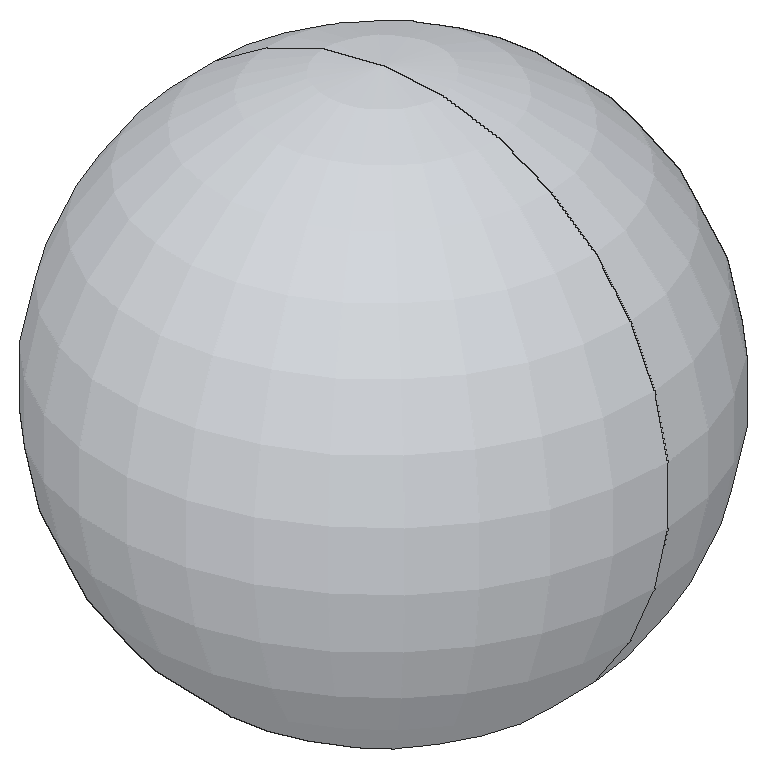
Revit family "1 point_content", category Specialty Equipment, Revit 2025
Family settings
  Round Connector Dimension = Use Diameter
  Part Type = Normal
  Enable Cutting in Views = Yes
  Always vertical = No
  Cut with Voids When Loaded = No
  Maintain Annotation Orientation = No
  Shared = No
  Room Calculation Point = No
Parameters (values of type "1 point_other")
  Visible spheer = yes
  Visible = yes
  Type Comments = "KW"
  R spheer = 10 mm
  H [instance] = 0 mm
  Default Elevation = 0 mm
  Circle visible = yes
  Cal_H [instance] = 5000 mm + H  # 5000 mm
Reference planes
  plane 1 "Center (Front/Back)": y = 0
  plane 2 "Center (Left/Right)": x = 0
  plane 3 "H": z = 0
  plane 4: z = -5000
Lines and regions (mm)
  model lines
    curve 1: circle (0, 0, 0) r 10 normal (0, 0, -1)
Dimensions and locks
  "Cal_H": plane 4 to plane 3 "H"
  locked: plane 4 to level at 5000
  aligned and locked: plane 3 "H" to reference point
  aligned and locked: plane 2 "Center (Left/Right)" to reference point
  aligned and locked: plane 1 "Center (Front/Back)" to reference point
  aligned and locked: plane 2 "Center (Left/Right)" to nested 1
  aligned and locked: nested 1 to plane 1 "Center (Front/Back)"
Automatic sketch dimensions
  curve 1 to plane 1 "Center (Front/Back)" = 0 mm
  curve 1 to plane 2 "Center (Left/Right)" = 0 mm
  radius of curve 1 = 10 mm
Nested families
  nested 1: "spheer" at (0, 0, 0), visible <- "Visible spheer", type "spheer"
    with R 10 mm
Definition of nested family "spheer"
  Parameters
    R = 60 mm
    Default Elevation = 1219.2 mm
  Reference planes
    plane 1 "Center (Front/Back)": y = 0
    plane 2: z = 0
    plane 3 "Center (Left/Right)": x = 0
    plane 4: z = 60
    plane 5: z = -60
  Forms (mm)
    Revolve 1, solid
      sketch origin (0, 0, 0) x (1, 0, 0) y (0, 0, 1)
        loop
          arc (0, -60) -> (60, 0) -> (0, 60) r 60
          line (0, 60) -> (0, -60)
        axis (0, -60) -> (0, 60)
      angle from 0 to 360
  Dimensions and locks
    equal spacing: plane 4, level, plane 5
    "R": plane 4 to level
    "R": radius of Revolve 1 sketch curve
    aligned and locked: level to plane 2
  Automatic sketch dimensions
    Revolve 1 sketch curve to plane 3 "Center (Left/Right)" = 0 mm  (x2)
    Revolve 1 sketch curve to level = 0 mm
    Revolve 1 sketch curve to plane 5 = 0 mm
    plane 4 to Revolve 1 sketch curve = 205 mm
